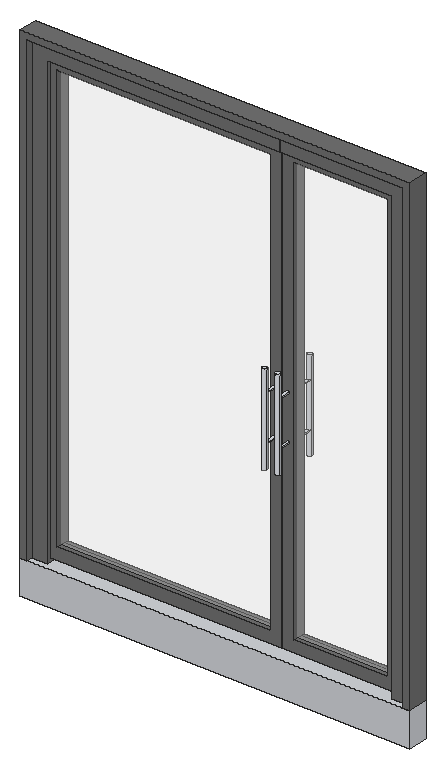
Revit family "AVLN_Дверь_Двупольная_аллюминиевая", category Двери, Revit 2021
Family settings
  Основа = Стена
  Номер OmniClass = 23.30.10.00
  Заголовок OmniClass = Doors
  Всегда вертикально = Да
  При загрузке вырезать с полостями = Нет
  Общий = Нет
  Точка принадлежности помещению = Нет
Parameters (values of type "1730х2100")
  Ширина полотна [instance] = Width - Монтажный зазор * 2 - Коробка толщина * 2 - 10 mm  # 1560 mm
  Ширина левого полотна = 600 mm
  Ширина правого полотна = Width - Ширина левого полотна  # 1130 mm
  ШПП = Ширина правого полотна + Монтажный зазор + Коробка толщина  # 1210 mm
  ШЛП = Ширина левого полотна + Монтажный зазор + Коробка толщина  # 680 mm
  Фрамуга_Справа = no
  Фрамуга_Слева = no
  Тонкая линия проема = yes
  Толщина = 85 mm  # constant formula
  Тип ручки = Дв_Дверная ручка : Ручка стационарная
  Смещение проема [instance] = 150 mm
  Смещение внутрь = 0 mm
  СП1 [instance] = if(Смещение проема = 0 mm, 10 mm, 0 mm)  # 0 mm
  Ручки_Справа = yes
  Ручки_Слева = yes
  Ручка смещение = 30 mm  # constant formula
  Ручка высота = 950 mm  # constant formula
  Рабочая зона = no
  Rough Width = Width - Монтажный зазор * 2  # 1670 mm
  Rough Height = Height - Монтажный зазор  # 2070 mm
  Порожек = no
  Порог_наружний_смещение [instance] = 0 mm
  Порог_внутренний_смещение [instance] = 0 mm
  Порог_внутренний [instance] = no
  Порог [instance] = no
  ПШПП = ШПП + Монтажный зазор + Коробка толщина  # 1290 mm
  ПШЛП = ШЛП + Монтажный зазор + Коробка толщина  # 760 mm
  Определить тепловые свойства по = Тип схем
  Окрывание 30° = yes
  Монтажный зазор = 30 mm
  Материал_Рама = AVLN_Материал импоста_RAL 7024
  Материал_Рабочая зона = AVLN_Материал импоста_RAL 7024
  Материал_Панель.Фрамуги_Справа = AVLN_Остекление окон и дверей
  Материал_Панель.Фрамуги_Слева = AVLN_Материал импоста_RAL 7024
  Материал_Панель.2_Справа = AVLN_Остекление окон и дверей
  Материал_Панель.2_Слева = AVLN_Остекление окон и дверей
  Материал_Панель.1_Справа = AVLN_Остекление окон и дверей
  Материал_Монтажный зазор = AVLN_Материал импоста_RAL 7024
  Материал_Панель.1_Слева = AVLN_Остекление окон и дверей
  Материал_Дверной ручки = ADSK_Металл_Окрашенный_Белый матовый
  Коробка.Доп.Ширина = 20 mm  # constant formula
  Коробка толщина = 50 mm
  Type Comments = ""
  КП = Коробка толщина + 5 mm  # 55 mm
  Заполнение под проемом_Видимость [instance] = if(Смещение проема = 0 mm, 1 = 0, 1 = 1)  # yes
  Функция = Внутренние слои
  Model = ""
  Горизонтальный импост_Справа = no
  Горизонтальный импост_Слева = no
  Высота фрамуги = 650 mm
  Высота порога = 40 mm
  Высота горизонтального импоста = 750 mm
  ВФ2 = if(ВФ = 40 mm, 0 mm, 30 mm)  # 0 mm
  ВФ = if(not(Фрамуга_Слева), 40 mm, Высота фрамуги + 70 mm)  # 40 mm
  ВП = if(not(Порожек), 0 mm, Высота порога)  # 0 mm
  Height = 2100 mm
  Замыкание стены = По основе
  Width = 1730 mm
  Аналитическая конструкция = "<Нет>"
  АВЛН_Проем_Ширина [instance] = Width  # 1730 mm
  АВЛН_Проем_Высота [instance] = Height + Смещение проема  # 2250 mm
  ADSK_Примечание [instance] = ""
  ADSK_Позиция [instance] = ""
  ADSK_Площадь [instance] = 0.00 m²
  ADSK_Обозначение = ""
  ADSK_Наименование = ""
  ADSK_Масса = 0
  ADSK_Марка [instance] = ""
  ADSK_Количество [instance] = 0
  ADSK_Единица измерения [instance] = ""
  СМ = Смещение внутрь + Толщина  # 85 mm
Types (3, lengths in mm): name | Ширина полотна | Ширина левого полотна | Ширина правого полотна | ШПП | ШЛП | Фрамуга_Справа | Фрамуга_Слева | Rough Width | Rough Height | Порожек | ПШПП | ПШЛП | Монтажный зазор | Материал_Рама | Материал_Рабочая зона | Материал_Панель.Фрамуги_Справа | Материал_Панель.Фрамуги_Слева | Материал_Панель.2_Справа | Материал_Панель.2_Слева | Материал_Панель.1_Справа | Материал_Монтажный зазор | Материал_Панель.1_Слева | Материал_Дверной ручки | Коробка толщина | Type Comments | КП | Model | Горизонтальный импост_Справа | Горизонтальный импост_Слева | ВФ2 | ВФ | ВП | Height | Width | АВЛН_Проем_Ширина | АВЛН_Проем_Высота | ADSK_Обозначение
  1730х2100 | 1560 | 600 | 1130 | 1210 | 680 | no | no | 1670 | 2070 | no | 1290 | 760 | 30 | AVLN_Материал импоста_RAL 7024 | AVLN_Материал импоста_RAL 7024 | AVLN_Остекление окон и дверей | AVLN_Материал импоста_RAL 7024 | AVLN_Остекление окон и дверей | AVLN_Остекление окон и дверей | AVLN_Остекление окон и дверей | AVLN_Материал импоста_RAL 7024 | AVLN_Остекление окон и дверей | ADSK_Металл_Окрашенный_Белый матовый | 50 | "" | 55 | "" | no | no | 0 | 40 | 0 | 2100 | 1730 | 1730 | 2250 | ""
  1400х2100 | 1150 | 500 | 900 | 1020 | 620 | no | no | 1300 | 2050 | no | 1140 | 740 | 50 | AVLN_Материал импоста_RAL 7024 | AVLN_Материал импоста_RAL 7024 | AVLN_Остекление окон и дверей | AVLN_Материал импоста_RAL 7024 | AVLN_Остекление окон и дверей | AVLN_Остекление окон и дверей | AVLN_Остекление окон и дверей | AVLN_Материал импоста_RAL 7024 | AVLN_Остекление окон и дверей | ADSK_Металл_Окрашенный_Белый матовый | 70 | "Двери наружные" | 75 | "Дверь" | no | no | 0 | 40 | 0 | 2100 | 1400 | 1400 | 2250 | "ГОСТ 23747-2015"
  Для копирования | 1300 | 1000 | 500 | 595 | 1095 | yes | yes | 1440 | 2470 | yes | 690 | 1190 | 30 | none | none | none | none | none | none | none | none | none | none | 65 | "" | 70 | "" | yes | yes | 30 | 720 | 40 | 2500 | 1500 | 1500 | 2650 | ""
Reference planes
  plane 1: y = 0
  plane 2 "По центру (Влево/Вправо)": x = 0
  plane 3 "Слева": x = -865
  plane 4 "Справа": x = 865
  plane 5: z = 2100
  plane 6 "Наружный": y = 150
  plane 7 "Внутренние": y = -150
  plane 8: z = -150
  plane 9: x = -835
  plane 10: x = 835
  plane 11: x = 785
  plane 12: x = -785
  plane 13: z = 2070
  plane 14: z = 2020
  plane 15 "Полотно_Н": y = 150
  plane 16 "Полотно_В": y = 65
  plane 17: z = -150
  plane 18: x = 235
  plane 19: x = 295
  plane 20: z = 950
  plane 21: z = 1015
  plane 22: z = 2000
  plane 23: y = 1280
  plane 24: z = 1050
  plane 25 "ОТКР_Г": y = 165
  plane 26: z = 2030
  plane 27: z = 2030
  plane 28: x = 795
  plane 29: x = -795
  plane 30: z = 0
  plane 31: z = 70
  plane 32 "ОТКР_Д": y = 100
  plane 33: x = -530.2
  plane 34: x = -765
  plane 35: x = 765
  plane 36: x = 530
  plane 37: x = 265
  plane 38: x = -265
  plane 39: x = 295
  plane 40: x = 235
  plane 41: y = 150
  plane 42: y = -150
Forms (mm)
  Extrusion 1, solid, visible <- "Заполнение под проемом_Видимость", detail levels fine
    sketch origin (0, 150, 0) x (1, 0, 0) y (0, 0, 1)
      loop
        line (865, 0) -> (-865, 0) -> (-865, -150) -> (865, -150) -> (865, 0)
    from 0 to 85
  Extrusion 2, solid, material "AVLN_Материал импоста_RAL 7024" <- "Материал_Монтажный зазор", detail levels fine
    sketch origin (0, -150, 0) x (1, 0, 0) y (0, 0, 1)
      loop
        line (-865, 0) -> (-835, 0) -> (-835, 2070) -> (835, 2070) -> (835, 0) -> (865, 0) -> (865, 2100) -> (-865, 2100) -> (-865, 0)
    from -300 to -215
  Extrusion 3, void
    sketch origin (0, 0, 0) x (1, 0, 0) y (0, 1, 0)
      loop
        line (-865, 1280) -> (-865, 150) -> (865, 150) -> (865, 1280) -> (-865, 1280)
    from 0 to 2100
Lines and regions (mm)
  Opening 1
    outline origin (-3050, -150, 0) x (1, 0, 0) y (0, 0, 1)
      loop
        line (2185, -150) -> (3915, -150) -> (3915, 2100) -> (2185, 2100) -> (2185, -150)
  Masking region 1, visible <- "Тонкая линия проема"
    outline origin (-80, -199.486, 0) x (1, 0, 0) y (0, 1, 0)
      loop
        line (-712.395, 374.486) -> (-785, 349.486) -> (-785, 49.486) -> (-785, 19.486) -> (945, 19.486) -> (945, 49.486) -> (945, 349.486) -> (875.199, 374.486) -> (-712.395, 374.486)
  model lines, style "Открывание_Внутрь"
    curve 1: line (765, 100, 2030) -> (265, 100, 1015)
    curve 2: line (265, 100, 1015) -> (765, 100, 70)
    curve 3: line (-765, 100, 70) -> (265, 100, 1015)
    curve 4: line (265, 100, 1015) -> (-765, 100, 2030)
  model lines, style "Открывание_Наружу"
    curve 5: line (-795, 165, 0) -> (265, 165, 1015)
    curve 6: line (265, 165, 1015) -> (-795, 165, 2030)
    curve 7: line (795, 165, 2030) -> (265, 165, 1015)
    curve 8: line (265, 165, 1015) -> (795, 165, 0)
  model lines, style "Рабочая зона", visible <- "Рабочая зона"
    curve 9: line (-865, 150, 0) -> (-750, 1280, 0)
    curve 10: line (-750, 1280, 0) -> (750, 1280, 0)
    curve 11: line (865, 150, 0) -> (750, 1280, 0)
  symbolic lines, style "Порог", visible <- "Порог"
    curve 12: line (-865, 150, 0) -> (865, 150, 0)
  symbolic lines, style "Порог", visible <- "Порог_внутренний"
    curve 13: line (-865, -150, 0) -> (865, -150, 0)
Text (mm)
  text "Наружный" at (-2295.016, 1099.543, 0), in view "Опорный уровень"
  text "Наружный" at (0, 1615.38, 3698.081), in view "Слева"
  text "Наружный" at (0, 1036.032, 3874.932), in view "Справа"
Dimensions and locks
  equal spacing: plane 3 "Слева", plane 2 "По центру (Влево/Вправо)", plane 4 "Справа"
  "Width": plane 3 "Слева" to plane 4 "Справа"
  host wall to plane 5 = 2564.966 mm  (x2)
  locked: plane 6 "Наружный" to host wall
  locked: plane 7 "Внутренние" to host wall
  plane 8 to level = 150 mm
  "Height": level to plane 5
  "Монтажный зазор": plane 3 "Слева" to plane 9
  "Монтажный зазор": plane 10 to plane 4 "Справа"
  "Смещение внутрь": plane 15 "Полотно_Н" to plane 6 "Наружный"
  "Толщина": plane 15 "Полотно_Н" to plane 16 "Полотно_В"
  level to plane 17 = 150 mm
  "Монтажный зазор": plane 13 to plane 5
  "Коробка толщина": plane 14 to plane 13
  "Коробка толщина": plane 12 to plane 9
  "Коробка толщина": plane 11 to plane 10
  "Смещение проема": level to plane 8
  "Ручка высота": level to plane 20
  "Ручка смещение": plane 18 to plane 37
  "Ручка смещение": plane 37 to plane 19
  equal spacing: level, plane 21, plane 26
  equal spacing: plane 7 "Внутренние", plane 1, plane 6 "Наружный"
  "Коробка.Доп.Ширина": plane 14 to plane 22
  "Ширина правого полотна": plane 23 to plane 15 "Полотно_Н"
  plane 15 "Полотно_Н" to plane 16 "Полотно_В" = 85 mm
  locked: plane 25 "ОТКР_Г" to plane 15 "Полотно_Н" at 15
  "ВФ": plane 13 to plane 26
  equal spacing: level, plane 24, plane 5
  "ВФ2": plane 26 to plane 27
  locked: plane 10 to plane 28 at 40
  locked: plane 9 to plane 29 at 40
  "ВП": level to plane 30
  locked: plane 31 to level at 70
  nested 7 to plane 6 "Наружный" = 60 mm
  "СП1": plane 17 to plane 8
  "Коробка толщина": plane 15 "Полотно_Н" to plane 32 "ОТКР_Д"
  locked: plane 9 to plane 34 at 70
  locked: plane 10 to plane 35 at 70
  equal spacing: plane 37, plane 36, plane 28
  "Ширина левого полотна": plane 37 to plane 4 "Справа"
  equal spacing: plane 37, plane 38, plane 29
  locked: plane 39 to plane 37 at 30
  locked: plane 37 to plane 40 at 30
  "Порог_наружний_смещение": plane 6 "Наружный" to plane 41
  "Порог_внутренний_смещение": plane 42 to plane 7 "Внутренние"
  aligned and locked: plane 3 "Слева" to Opening 1 sketch curve
  aligned and locked: Opening 1 sketch curve to plane 4 "Справа"
  aligned and locked: plane 1 to host wall
  aligned and locked: plane 8 to Opening 1 sketch curve
  aligned and locked: level to Extrusion 1 sketch curve
  aligned and locked: Extrusion 1 sketch curve to plane 4 "Справа"
  aligned and locked: Extrusion 1 sketch curve to host wall
  aligned and locked: Extrusion 1 to plane 16 "Полотно_В"
  aligned and locked: Extrusion 1 to plane 15 "Полотно_Н"
  aligned and locked: Extrusion 1 sketch curve to plane 17
  aligned and locked: plane 5 to Opening 1 sketch curve
  aligned and locked: Extrusion 2 sketch curve to plane 4 "Справа"
  aligned and locked: Extrusion 2 sketch curve to plane 10
  aligned and locked: Extrusion 2 sketch curve to plane 5
  aligned and locked: Extrusion 2 sketch curve to plane 13
  aligned and locked: plane 3 "Слева" to Extrusion 2 sketch curve
  aligned and locked: plane 9 to Extrusion 2 sketch curve
  aligned and locked: Extrusion 2 sketch curve to level  (x2)
  aligned and locked: plane 19 to nested 4
  aligned and locked: plane 18 to nested 2
  aligned and locked: nested 3 to plane 19
  aligned and locked: nested 5 to plane 4 "Справа"
  aligned and locked: nested 5 to plane 15 "Полотно_Н"
  aligned and locked: nested 6 to plane 3 "Слева"
  aligned and locked: plane 15 "Полотно_Н" to nested 6
  aligned and locked: Extrusion 2 to plane 15 "Полотно_Н"
  aligned and locked: curve 10 to plane 23
  aligned and locked: plane 15 "Полотно_Н" to curve 9
  aligned and locked: curve 11 to plane 15 "Полотно_Н"
  aligned and locked: Extrusion 3 sketch curve to plane 23
  aligned and locked: Extrusion 3 sketch curve to plane 3 "Слева"
  aligned and locked: Extrusion 3 sketch curve to plane 15 "Полотно_Н"
  aligned and locked: Extrusion 3 sketch curve to plane 4 "Справа"
  aligned and locked: Extrusion 3 to plane 5
  aligned and locked: Extrusion 2 to plane 16 "Полотно_В"
  aligned and locked: plane 26 to curve 1
  aligned and locked: plane 27 to curve 7
  aligned and locked: plane 29 to curve 6
  aligned and locked: curve 6 to plane 27
  aligned and locked: plane 28 to curve 8
  aligned and locked: plane 30 to curve 8
  aligned and locked: plane 29 to curve 5
  aligned and locked: curve 5 to plane 30
  aligned and locked: plane 31 to curve 3
  aligned and locked: curve 2 to plane 31
  aligned and locked: plane 21 to curve 8
  aligned and locked: nested 1 to plane 32 "ОТКР_Д"
  aligned and locked: plane 32 "ОТКР_Д" to nested 3
  aligned and locked: nested 2 to plane 25 "ОТКР_Г"
  aligned and locked: plane 25 "ОТКР_Г" to nested 4
  aligned and locked: nested 1 to plane 18
  aligned and locked: plane 34 to curve 4
  aligned and locked: plane 35 to curve 1
  aligned and locked: plane 37 to curve 6
  aligned and locked: plane 34 to curve 3
  aligned and locked: plane 21 to curve 4
  aligned and locked: nested 8 to plane 15 "Полотно_Н"
  aligned and locked: plane 4 "Справа" to curve 12
  aligned and locked: plane 3 "Слева" to curve 12
  aligned and locked: curve 12 to plane 41
  aligned and locked: curve 13 to plane 42
  aligned and locked: plane 3 "Слева" to Masking region 1
  aligned and locked: Masking region 1 to plane 4 "Справа"
  aligned and locked: host wall to Masking region 1 sketch curve  (x4)
  aligned and locked: nested 7 to Extrusion 2
  aligned and locked: nested 8 to Extrusion 2
  aligned and locked: curve 5 to plane 25 "ОТКР_Г"
  aligned and locked: nested 7 to plane 41
Automatic sketch dimensions
  curve 2 to plane 37 = 0 mm
  curve 4 to plane 26 = 0 mm
  curve 2 to plane 35 = 0 mm
  curve 13 to plane 3 "Слева" = 0 mm
  curve 13 to plane 4 "Справа" = 0 mm
  Masking region 1 sketch curve to plane 3 "Слева" = 0 mm
  Masking region 1 sketch curve to plane 4 "Справа" = 0 mm
  Masking region 1 sketch curve to plane 29 = 2.605 mm
  plane 28 to Masking region 1 sketch curve = 0.199 mm
  host wall to Masking region 1 sketch curve = 30 mm
  host wall to Masking region 1 sketch curve = 25 mm
  curve 10 to plane 34 = 15 mm
  curve 11 to plane 35 = 15 mm
  curve 6 to plane 21 = 0 mm
  nested 7 to curve 7 = 0 mm
  nested 7 to curve 7 = 10 mm
Nested families
  nested 1: "Дв_Дверная ручка" at (235, 100, -90), visible <- "Ручки_Справа", type <- "Тип ручки", type "Ручка стационарная", detail levels fine
    with Высота расположения дверной ручки 1040 mm
  nested 2: "Дв_Дверная ручка" at (235, 165, -90), visible <- "Ручки_Справа", type <- "Тип ручки", type "Ручка стационарная", detail levels fine
    with Высота расположения дверной ручки 1040 mm
  nested 3: "Дв_Дверная ручка" at (295, 100, -90) x (-1, 0, 0) z (0, 0, 1), visible <- "Ручки_Слева", type <- "Тип ручки", type "Ручка стационарная", detail levels fine
    with Высота расположения дверной ручки 1040 mm
  nested 4: "Дв_Дверная ручка" at (295, 165, -90) x (-1, 0, 0) z (0, 0, 1), visible <- "Ручки_Слева", type <- "Тип ручки", type "Ручка стационарная", detail levels fine
    with Высота расположения дверной ручки 1040 mm
  nested 5: "АС-Двупольная-Обозначение на плане" at (605, 150, -150), Width <- "ШЛП", Height <- "Rough Height", Полотно.Ширина <- "Ширина левого полотна", Rough Width <- "ПШЛП", Коробка.Ширина <- "Коробка.Доп.Ширина", Коробка.Толщина <- "Толщина", Толщина <- "Коробка толщина", МЗ <- "Монтажный зазор", КП <- "КП", type "АС-Стандарт"
    with Width 680 mm, Толщина 50 mm, Rough Width 760 mm, Полотно.Ширина 600 mm, МЗ 30 mm, Коробка.Ширина 20 mm, Коробка.Толщина 85 mm, КП 55 mm, Height 2070 mm
  nested 6: "АС-Двупольная-Обозначение на плане" at (-75, 150, -150) x (-1, 0, 0) z (0, 0, 1), Width <- "ШПП", Height <- "Rough Height", Полотно.Ширина <- "Ширина правого полотна", Rough Width <- "ПШПП", Коробка.Ширина <- "Коробка.Доп.Ширина", Коробка.Толщина <- "Толщина", Толщина <- "Коробка толщина", МЗ <- "Монтажный зазор", КП <- "КП", type "АС-Стандарт"
    with Width 1210 mm, Толщина 50 mm, Rough Width 1290 mm, Полотно.Ширина 1130 mm, МЗ 30 mm, Коробка.Ширина 20 mm, Коробка.Толщина 85 mm, КП 55 mm, Height 2070 mm
  nested 7: "Алюминий ДП" at (430, 90, 0) x (-1, 0, 0) z (0, 0, 1), Width <- "Ширина левого полотна", Фрамуга <- "Фрамуга_Слева", М.Панель.1 <- "Материал_Панель.1_Слева", М.Панель.2 <- "Материал_Панель.2_Слева", М.Панель.Фрамуги <- "Материал_Панель.Фрамуги_Слева", М.Рама <- "Материал_Рама", Горизонтальный импост <- "Горизонтальный импост_Слева", Порог <- "Порожек", type "Алюминий ДП", detail levels medium+fine
    with Width 600 mm, Фрамуга no, Порог no, М.Рама AVLN_Материал импоста_RAL 7024, М.Панель.Фрамуги AVLN_Материал импоста_RAL 7024, М.Панель.2 AVLN_Остекление окон и дверей, М.Панель.1 AVLN_Остекление окон и дверей, Горизонтальный импост no, ГИ no, ВФ2 0 mm, ВФ 250 mm, ВП2 0 mm, БГИ yes
  nested 8: "Алюминий ДП" at (-430, 90, 0), Width <- "Ширина правого полотна", Фрамуга <- "Фрамуга_Справа", М.Панель.1 <- "Материал_Панель.1_Справа", М.Панель.2 <- "Материал_Панель.2_Справа", М.Панель.Фрамуги <- "Материал_Панель.Фрамуги_Справа", М.Рама <- "Материал_Рама", Горизонтальный импост <- "Горизонтальный импост_Справа", Порог <- "Порожек", type "Алюминий ДП", detail levels medium+fine
    with Width 1130 mm, Фрамуга no, Порог no, М.Рама AVLN_Материал импоста_RAL 7024, М.Панель.Фрамуги AVLN_Остекление окон и дверей, М.Панель.2 AVLN_Остекление окон и дверей, М.Панель.1 AVLN_Остекление окон и дверей, Горизонтальный импост no, ГИ no, ВФ2 0 mm, ВФ 250 mm, ВП2 0 mm, БГИ yes
Definition of nested family "Дв_Дверная ручка"
  Parameters (values of type "Ручка нажимная")
    Ручка стационарная = no
    Ручка нажимная = yes
    Define Thermal Properties by = 1
    Материал дверной ручки = none
    Высота расположения дверной ручки [instance] = 1040 mm
    Analytic Construction = "<Нет>"
    b = 25 mm
    a = 75 mm
  Types (3, lengths in mm): name | Ручка стационарная | Ручка нажимная | Высота расположения дверной ручки | a
    (no name) | no | yes | 1040 | 75
    Ручка нажимная | no | yes | 1040 | 75
    Ручка стационарная | yes | no | 1040.051 | 74.898
  Reference planes
    plane 1 "По центру (Вперед/Назад)": y = 0
    plane 2: z = 0
    plane 3 "По центру (Влево/Вправо)": x = 0
    plane 4: z = 1040
    plane 5: x = -12.5
    plane 6: x = 12.5
    plane 7: z = 1077.5
    plane 8: z = 1002.5
    plane 9: y = -15
    plane 10: y = -55
    plane 11: z = 1240.102
    plane 12: z = 840
  Forms (mm)
    Extrusion 1, solid, material <- "Материал дверной ручки", visible <- "Ручка нажимная"
      sketch origin (0, 0, 0) x (1, 0, 0) y (0, 0, 1)
        loop
          arc (-2.5, 1077.5) -> (-9.571, 1074.571) -> (-12.5, 1067.5) r 10
          line (-12.5, 1067.5) -> (-12.5, 1012.5)
          arc (-12.5, 1012.5) -> (-9.571, 1005.429) -> (-2.5, 1002.5) r 10
          line (-2.5, 1002.5) -> (2.5, 1002.5)
          arc (2.5, 1002.5) -> (9.571, 1005.429) -> (12.5, 1012.5) r 10
          line (12.5, 1012.5) -> (12.5, 1067.5)
          arc (12.5, 1067.5) -> (9.571, 1074.571) -> (2.5, 1077.5) r 10
          line (2.5, 1077.5) -> (-2.5, 1077.5)
      from 0 to 15
    Sweep 2, solid, material <- "Материал дверной ручки", visible <- "Ручка нажимная"
      path origin (0, 0, 2080) x (0, 1, 0) y (-1, 0, 0)
        loop
          line (-15, 0) -> (-38.261, 0)
          arc (-38.261, 0) -> (-45.332, 2.929) -> (-48.261, 10) r 10
          line (-48.261, 10) -> (-48.261, 130)
      profile origin (0, -26.63, 2080) x (1, 0, 0) y (0, 0, 1)
        loop
          circle (0, -1040) r 8
    Extrusion 3, solid, material <- "Материал дверной ручки", visible <- "Ручка стационарная"
      sketch origin (0, 0, 0) x (1, 0, 0) y (0, 0, 1)
        loop
          circle (0, 1140.126) r 5
      from 0 to 55
    Extrusion 4, solid, material <- "Материал дверной ручки", visible <- "Ручка стационарная"
      sketch origin (0, 0, -200.126) x (1, 0, 0) y (0, 0, 1)
        loop
          circle (0, 1140.126) r 5
      from 0 to 55
    Extrusion 5, solid, material <- "Материал дверной ручки", visible <- "Ручка стационарная"
      sketch origin (0, 112.733, 0) x (1, 0, 0) y (0, 1, 0)
        loop
          circle (0, -167.733) r 10
      from 840 to 1240.102
  Dimensions and locks
    "Высота расположения дверной ручки": plane 4 to level
    "a": plane 7 to plane 8
    "b": plane 6 to plane 5
    equal spacing: plane 6, plane 3 "По центру (Влево/Вправо)", plane 5
    locked: plane 1 "По центру (Вперед/Назад)" to plane 9 at 15
    equal spacing: plane 7, plane 4, plane 8
    Extrusion 4 to plane 4 to Extrusion 3 = 100 mm, 100.126 mm
    plane 11 to plane 12 = 400.102 mm
    aligned and locked: level to plane 2
    aligned and locked: Extrusion 1 sketch curve to plane 7
    aligned and locked: plane 5 to Extrusion 1 sketch curve
    aligned and locked: plane 8 to Extrusion 1 sketch curve
    aligned and locked: Extrusion 1 sketch curve to plane 6
    aligned and locked: Extrusion 1 to plane 1 "По центру (Вперед/Назад)"
    aligned and locked: plane 4 to Sweep 2
    aligned and locked: plane 10 to Extrusion 3
    aligned and locked: Extrusion 4 to Extrusion 3
    aligned and locked: Extrusion 3 to plane 1 "По центру (Вперед/Назад)"
    aligned and locked: Extrusion 4 to plane 1 "По центру (Вперед/Назад)"
    aligned and locked: plane 10 to Extrusion 5
    aligned and locked: plane 11 to Extrusion 5
    aligned and locked: Extrusion 5 to plane 12
  Automatic sketch dimensions
    Extrusion 5 sketch curve to plane 3 "По центру (Влево/Вправо)" = 0 mm
    plane 10 to Extrusion 5 sketch curve = 0 mm
    Sweep 2 sketch curve to plane 3 "По центру (Влево/Вправо)" = 0 mm
    plane 9 to Sweep 2 sketch curve = 0 mm
    Sweep 2 sketch curve to plane 10 = 16.739 mm
    Sweep 2 sketch curve to plane 10 = 6.739 mm
    Sweep 2 sketch curve to Sweep 2 sketch curve = 120 mm
    profile plane to Sweep 2 sketch curve = 0 mm
    Sweep 2 sketch curve to profile plane = 1040 mm
    Extrusion 3 sketch curve to plane 3 "По центру (Влево/Вправо)" = 0 mm
    Extrusion 3 sketch curve to plane 11 = 99.976 mm
    Extrusion 4 sketch curve to plane 3 "По центру (Влево/Вправо)" = 0 mm
    Extrusion 4 sketch curve to plane 4 = 100 mm
    Extrusion 1 sketch curve to plane 3 "По центру (Влево/Вправо)" = 2.5 mm  (x2)
    plane 3 "По центру (Влево/Вправо)" to Extrusion 1 sketch curve = 2.5 mm  (x2)
    radius of Extrusion 5 sketch curve = 10 mm
    radius of Sweep 2 sketch curve = 8 mm
    radius of Extrusion 3 sketch curve = 5 mm
    radius of Extrusion 4 sketch curve = 5 mm
Definition of nested family "Алюминий ДП"
  Parameters (values of type "Алюминий ДП")
    Width [instance] = 800 mm
    Фрамуга [instance] = yes
    Толщина коробки = 50 mm
    Порог [instance] = yes
    Define Thermal Properties by = 1
    МЗЗ = 30 mm
    М.Панель.Фрамуги [instance] = none
    М.Панель.2 [instance] = none
    М.Панель.1 [instance] = none
    Горизонтальный импост [instance] = yes
    Высота порога = 40 mm
    Height = 2100 mm
    ВФ2 [instance] = if(not(Фрамуга), 0 mm, Высота фрамуги)  # 650 mm
    ВФ [instance] = if(ВФ2 = 0 mm, 250 mm, ВФ2 - 40 mm)  # 610 mm
    Высота фрамуги = 650 mm
    ВП2 [instance] = if(Порог, Высота порога, 0 mm)  # 40 mm
    ВП1 = 20 mm + Высота порога  # 60 mm
    БГИ [instance] = not(Горизонтальный импост)  # no
    М.Рама [instance] = none
    ГИ [instance] = Горизонтальный импост  # yes
    Высота ГИ = 750 mm
    Analytic Construction = "<Нет>"
  Reference planes
    plane 1 "По центру (Вперед/Назад)": y = 0
    plane 2: z = 0
    plane 3 "По центру (Влево/Вправо)": x = 0
    plane 4: x = -405
    plane 5: x = 405
    plane 6: z = 2070
    plane 7: y = -60
    plane 8: x = -355
    plane 9: z = 2020
    plane 10: z = 1035
    plane 11: z = 50
    plane 12: y = -35
    plane 13: y = -55
    plane 14: z = 750
    plane 15: z = 760
    plane 16: z = 740
    plane 17: z = 1370
    plane 18: z = 1410
    plane 19: z = 2020
    plane 20 "222": z = 1390
    plane 21: x = -335
    plane 22: z = 2100
    plane 23: x = -435
    plane 24: x = 435
    plane 25: z = 40
    plane 26: z = 60
    plane 27: x = 365
    plane 28: x = -305
    plane 29: x = 315
    plane 30: z = 110
    plane 31: z = 1460
    plane 32: z = 1970
    plane 33: z = 1320
  Forms (mm)
    Sweep 1, solid, material <- "М.Рама", detail levels fine
      path origin (0, 0, 0) x (1, 0, 0) y (0, 0, 1)
        loop
          line (-405, 0) -> (-405, 2070) -> (365, 2070)
      profile "Профиль 1 : Профиль 1" origin (-405, 0, 1035) x (-1, 0, 0) y (0, -1, 0)
        loop
          line (-70, 0) -> (0, 0) -> (0, 60) -> (-50, 60) -> (-50, 15) -> (-70, 15) -> (-70, 0)
    Extrusion 2, solid, material <- "М.Панель.1", visible <- "БГИ", detail levels fine
      sketch origin (0, 0, 0) x (1, 0, 0) y (0, 0, 1)
        loop
          line (-305, 1320) -> (-305, 110) -> (315, 110) -> (315, 1320) -> (-305, 1320)
      from 35 to 55
    Sweep 3, solid, material <- "М.Рама", visible <- "ГИ", detail levels fine
      path origin (0, 0, 0) x (1, 0, 0) y (0, 0, 1)
        loop
          line (-305, 750) -> (315, 750)
      profile "Профиль 3 : Профиль 3" origin (5, 0, 750) x (0, 0, 1) y (0, -1, 0)
        loop
          line (-40, 15) -> (40, 15) -> (40, 35) -> (10, 35) -> (10, 55) -> (40, 55) -> (40, 75) -> (-40, 75) -> (-40, 55) -> (-10, 55) -> (-10, 35) -> (-40, 35) -> (-40, 15)
    Extrusion 4, solid, material <- "М.Панель.1", visible <- "ГИ", detail levels fine
      sketch origin (0, 0, 0) x (1, 0, 0) y (0, 0, 1)
        loop
          line (-305, 1320) -> (-305, 760) -> (315, 760) -> (315, 1320) -> (-305, 1320)
      from 35 to 55
    Extrusion 5, solid, material <- "М.Панель.2", visible <- "ГИ", detail levels fine
      sketch origin (0, 0, 0) x (1, 0, 0) y (0, 0, 1)
        loop
          line (-305, 740) -> (-305, 110) -> (315, 110) -> (315, 740) -> (-305, 740)
      from 35 to 55
    Extrusion 6, solid, material <- "М.Панель.Фрамуги", visible <- "Фрамуга", detail levels fine
      sketch origin (0, 0, 0) x (1, 0, 0) y (0, 0, 1)
        loop
          line (-305, 1970) -> (-305, 1460) -> (315, 1460) -> (315, 1970) -> (-305, 1970)
      from 35 to 55
    Sweep 7, solid, material <- "М.Рама", visible <- "Порог", detail levels fine
      path origin (0, 0, 0) x (1, 0, 0) y (0, 0, 1)
        loop
          line (-335, 0) -> (365, 0)
      profile "Профиль 5 : Профиль 5" origin (15, 0, 0) x (0, 0, 1) y (0, -1, 0)
        loop
          line (0, 60) -> (0, -5) -> (10, -5) -> (22.5, 40) -> (60, 40) -> (60, 60) -> (0, 60)
    Extrusion 8, solid, material <- "М.Рама", detail levels fine
      sketch origin (0, 0, 0) x (1, 0, 0) y (0, 1, 0)
        loop
          line (-355, -15) -> (-355, -60) -> (-335, -60) -> (-335, -15) -> (-355, -15)
      from 0 to 60
    Sweep 9, solid, material <- "М.Рама", visible <- "Фрамуга", detail levels fine
      path origin (225.411, 0, 1390) x (0, 1, 0) y (-1, 0, 0)
        loop
          line (0, -139.589) -> (0, 560.411)
      profile "Профиль 4 : Профиль 4" origin (15, 0, 1390) x (0, -1, 0) y (0, 0, 1)
        loop
          line (0, 40) -> (0, -40) -> (15, -40) -> (15, -15) -> (60, -15) -> (60, 15) -> (15, 15) -> (15, 40) -> (0, 40)
    Extrusion 10, solid, material <- "М.Рама"
      sketch origin (0, 0, 0) x (1, 0, 0) y (0, 0, 1)
        loop
          line (-355, 1370) -> (-355, 60) -> (365, 60) -> (365, 1370) -> (-355, 1370)
        loop
          line (315, 110) -> (315, 1320) -> (-305, 1320) -> (-305, 110) -> (315, 110)
      from 15 to 75
    Extrusion 11, solid, material <- "М.Рама"
      sketch origin (0, 0, 0) x (1, 0, 0) y (0, 0, 1)
        loop
          line (-355, 2020) -> (-355, 1410) -> (365, 1410) -> (365, 2020) -> (-355, 2020)
        loop
          line (-305, 1970) -> (-305, 1460) -> (315, 1460) -> (315, 1970) -> (-305, 1970)
      from 15 to 75
  Cuts and joins
    joined: Sweep 1, Extrusion 8
  Dimensions and locks
    equal spacing: plane 4, plane 3 "По центру (Влево/Вправо)", plane 5
    "Width": plane 27 to plane 23
    "Height": plane 22 to level
    locked: plane 1 "По центру (Вперед/Назад)" to plane 7 at 60
    locked: plane 4 to plane 8 at 50
    equal spacing: plane 6, plane 10, level
    locked: plane 6 to plane 9 at 50
    "ВП2": plane 2 to plane 25
    locked: plane 12 to plane 13 at 20
    locked: plane 1 "По центру (Вперед/Назад)" to plane 12 at 35
    "Высота ГИ": plane 14 to level
    plane 15 to plane 14 to plane 16 = 10 mm locked, 10 mm locked
    plane 19 to plane 18 = 610 mm
    locked: plane 18 to plane 17 at 40
    "ВФ": plane 19 to plane 18
    equal spacing: plane 18, plane 20 "222", plane 17
    locked: plane 21 to plane 8 at 20
    "ВФ2": plane 9 to plane 17
    "МЗЗ": plane 22 to plane 6
    "МЗЗ": plane 4 to plane 23
    "МЗЗ": plane 5 to plane 24
    locked: plane 7 to plane 1 "По центру (Вперед/Назад)" at 60
    locked: plane 11 to plane 25 at 10
    locked: plane 11 to plane 26 at 10
    "Толщина коробки": plane 28 to plane 8
    "Толщина коробки": plane 17 to plane 33
    "Толщина коробки": plane 30 to plane 26
    "Толщина коробки": plane 31 to plane 18
    "Толщина коробки": plane 9 to plane 32
    "Толщина коробки": plane 29 to plane 27
    aligned and locked: level to plane 2
    aligned and locked: Sweep 1 sketch curve to plane 6
    aligned and locked: plane 4 to Sweep 1 sketch curve
    aligned and locked: plane 12 to Extrusion 2
    aligned and locked: Extrusion 2 to plane 13
    aligned and locked: Sweep 3 sketch curve to plane 14
    aligned and locked: Extrusion 4 sketch curve to plane 15
    aligned and locked: plane 16 to Extrusion 5 sketch curve
    aligned and locked: Extrusion 4 to plane 13
    aligned and locked: plane 12 to Extrusion 4
    aligned and locked: Extrusion 5 to plane 13
    aligned and locked: plane 12 to Extrusion 5
    aligned and locked: Sweep 7 sketch curve to level
    aligned and locked: plane 21 to Sweep 7 sketch curve
    aligned and locked: Extrusion 8 sketch curve to Sweep 1  (x2)
    aligned and locked: Extrusion 8 sketch curve to Sweep 7
    aligned and locked: Extrusion 8 to plane 26
    aligned and locked: plane 27 to Sweep 1 sketch curve
    aligned and locked: plane 27 to Sweep 7 sketch curve
    aligned and locked: Sweep 9 sketch curve to plane 1 "По центру (Вперед/Назад)"
    aligned and locked: plane 30 to Extrusion 5  (x3)
    aligned and locked: plane 33 to Extrusion 4
    aligned and locked: plane 33 to Extrusion 2
    aligned and locked: Extrusion 5 to plane 29  (x2)
    aligned and locked: Extrusion 2 to plane 29
    aligned and locked: Extrusion 4 to plane 29  (x2)
    aligned and locked: plane 28 to Sweep 3 sketch curve
    aligned and locked: plane 29 to Sweep 3 sketch curve
    aligned and locked: Extrusion 6 to plane 29
    aligned and locked: Extrusion 6 to plane 31
    aligned and locked: Extrusion 6 to plane 28
    aligned and locked: plane 32 to Extrusion 6
    aligned and locked: plane 31 to Extrusion 11
    aligned and locked: plane 28 to Extrusion 11
    aligned and locked: Extrusion 11 to plane 32
    aligned and locked: Extrusion 11 to plane 8
    aligned and locked: plane 19 to Extrusion 11
    aligned and locked: Extrusion 11 to plane 18
    aligned and locked: Extrusion 11 to Extrusion 10  (x2)
    aligned and locked: Extrusion 11 to plane 27  (x3)
    aligned and locked: plane 27 to Sweep 9 sketch curve
    aligned and locked: cut or joined group of Sweep 1, Extrusion 8 to Sweep 9 sketch curve
    aligned and locked: Extrusion 10 to plane 27  (x2)
    aligned and locked: plane 29 to Extrusion 10  (x3)
    aligned and locked: Extrusion 10 to plane 33
    aligned and locked: Extrusion 2 to plane 28
    aligned and locked: Extrusion 5 to plane 28
    aligned and locked: Extrusion 4 to plane 28
    aligned and locked: plane 29 to Extrusion 11
    aligned and locked: plane 28 to Extrusion 10
    aligned and locked: plane 30 to Extrusion 2
    aligned and locked: Extrusion 10 to plane 30
  Automatic sketch dimensions
    Sweep 1 sketch curve to level = 0 mm
    plane 7 to Extrusion 8 sketch curve = 0 mm
    Extrusion 10 sketch curve to plane 21 = 20 mm
    Extrusion 10 sketch curve to plane 26 = 0 mm
    plane 21 to Extrusion 2 sketch curve = 30 mm
    plane 21 to Extrusion 4 sketch curve = 30 mm
    plane 21 to Extrusion 5 sketch curve = 30 mm
    plane 21 to Extrusion 6 sketch curve = 30 mm
    Extrusion 10 sketch curve to Extrusion 10 sketch curve = 50 mm  (x3)
    Extrusion 2 sketch curve to plane 26 = 50 mm
    Extrusion 5 sketch curve to plane 26 = 50 mm
    Extrusion 2 sketch curve to plane 17 = 50 mm
    Extrusion 4 sketch curve to plane 17 = 50 mm
    Extrusion 10 sketch curve to plane 17 = 50 mm
    Extrusion 10 sketch curve to plane 17 = 0 mm
    plane 18 to Extrusion 6 sketch curve = 50 mm
    Extrusion 6 sketch curve to plane 9 = 50 mm
    Extrusion 11 sketch curve to plane 21 = 20 mm
    plane 28 to Extrusion 11 sketch curve = 0 mm
    plane 29 to Extrusion 11 sketch curve = 0 mm
    plane 5 to Extrusion 11 sketch curve = 40 mm
    Extrusion 11 sketch curve to plane 31 = 50 mm
    Extrusion 11 sketch curve to plane 31 = 0 mm
    plane 32 to Extrusion 11 sketch curve = 0 mm
    Extrusion 11 sketch curve to plane 9 = 0 mm
    plane 29 to Extrusion 2 sketch curve = 0 mm
    plane 29 to Extrusion 4 sketch curve = 0 mm
    plane 29 to Extrusion 5 sketch curve = 0 mm
    plane 29 to Extrusion 6 sketch curve = 0 mm
    plane 29 to Extrusion 10 sketch curve = 0 mm
    plane 1 "По центру (Вперед/Назад)" to Sweep 9 sketch curve = 0 mm
Definition of nested family "АС-Двупольная-Обозначение на плане"
  Parameters (values of type "АС-Стандарт")
    Полотно.Ширина [instance] = 900 mm
    Открывание двери 90 = not(Открывание двери 30)  # no
    Открывание двери 30 = yes
    МЗ [instance] = 20 mm
    Линия открывания (дуга) = not(Открывание двери 30)  # no
    Коробка.Ширина [instance] = 40 mm
    Коробка.Толщина [instance] = 80 mm
    Width [instance] = 1000 mm
    Thickness [instance] = 40 mm
    Rough Width [instance] = 960 mm
    КП [instance] = 30 mm
    Height [instance] = 2100 mm
    Default Elevation = 0 mm
    Analytic Construction = "<Нет>"
  Reference planes
    plane 1 "Center (Front/Back)": y = 0
    plane 2: z = 0
    plane 3 "Center (Left/Right)": x = 0
    plane 4 "Полотно.Слева": x = -480
    plane 5 "Полотно справа": x = 480
    plane 6 "Проем.Слева": x = -500
    plane 7 "Проем.Справа": x = 500
    plane 8 "Полотно. Внутренняя сторона": y = -40
    plane 9 "Коробка. Внутренняя сторона": y = -80
    plane 10 "Коробка.Внутренняя сторона слева": x = -450
    plane 11 "Коробка. Внутренняя сторона справа": x = 450
    plane 12 "2": x = -410
    plane 13 "3": x = 410
  Lines and regions (mm)
    Masking region 1, detail levels fine
      outline origin (0, 0, 0) x (1, 0, 0) y (0, 1, 0)
        loop
          line (500, -80) -> (500, 0) -> (480, 0) -> (480, -80) -> (500, -80)
    Masking region 2, detail levels fine
      outline origin (0, 0, 0) x (1, 0, 0) y (0, 1, 0)
        loop
          line (480, 0) -> (450, 0) -> (450, -40) -> (410, -40) -> (410, -80) -> (480, -80) -> (480, 0)
    Masking region 3, visible <- "Открывание двери 90", detail levels fine
      outline origin (0, 0, 0) x (1, 0, 0) y (0, 1, 0)
        loop
          line (450, 0) -> (450, 900) -> (410, 900) -> (410, 0) -> (450, 0)
    Masking region 4, visible <- "Открывание двери 30", detail levels fine
      outline origin (0, 0, 0) x (1, 0, 0) y (0, 1, 0)
        loop
          line (450, 0) -> (-329.423, 450) -> (-349.423, 415.359) -> (430, -34.641) -> (450, 0)
    symbolic lines, visible <- "Открывание двери 30", detail levels coarse+medium
      curve 1: line (500, 0, 0) -> (-366.025, 500, 0)
    symbolic lines, visible <- "Открывание двери 90", detail levels coarse+medium
      curve 2: line (500, 0, 0) -> (500, 1000, 0)
    symbolic lines, visible <- "Линия открывания (дуга)", detail levels coarse+medium
      curve 3: arc (500, 1000, 0) -> (-207.107, 707.107, 0) -> (-500, 0, 0) r 1000
    symbolic lines, visible <- "Линия открывания (дуга)", detail levels fine
      curve 4: arc (-450, 0, 0) -> (-186.396, 636.396, 0) -> (450, 900, 0) r 900
    model lines, not visible
      curve 5: line (0, 0, 0) -> (0, 0, 2100)
  Dimensions and locks
    "Thickness": plane 1 "Center (Front/Back)" to plane 8 "Полотно. Внутренняя сторона"  (x2)
    plane 1 "Center (Front/Back)" to plane 9 "Коробка. Внутренняя сторона" = 80 mm
    "Коробка.Толщина": plane 9 "Коробка. Внутренняя сторона" to plane 1 "Center (Front/Back)"
    "Полотно.Ширина": plane 10 "Коробка.Внутренняя сторона слева" to plane 11 "Коробка. Внутренняя сторона справа"
    "Width": curve 1 to curve 1
    "Width": plane 1 "Center (Front/Back)" to curve 2
    "Коробка.Ширина": Masking region 2 sketch curve to Masking region 2 sketch curve
    "Полотно.Ширина": plane 1 "Center (Front/Back)" to Masking region 3 sketch curve
    "Thickness": Masking region 3 sketch curve to plane 11 "Коробка. Внутренняя сторона справа"
    "Полотно.Ширина": Masking region 4 sketch curve to Masking region 4 sketch curve
    "Thickness": Masking region 4 sketch curve to Masking region 4 sketch curve
    "Height": curve 5 to level
    "Thickness": Masking region 3 to plane 11 "Коробка. Внутренняя сторона справа"
    "Thickness": Masking region 4 to Masking region 4
    "Коробка.Ширина": plane 10 "Коробка.Внутренняя сторона слева" to plane 12 "2"
    "Коробка.Ширина": plane 13 "3" to plane 11 "Коробка. Внутренняя сторона справа"
    "КП": plane 11 "Коробка. Внутренняя сторона справа" to plane 5 "Полотно справа"
    "КП": plane 4 "Полотно.Слева" to plane 10 "Коробка.Внутренняя сторона слева"
    "МЗ": plane 5 "Полотно справа" to plane 7 "Проем.Справа"
    "МЗ": plane 6 "Проем.Слева" to plane 4 "Полотно.Слева"
    "Width": radius of curve 3
    "Полотно.Ширина": radius of curve 4
    locked: curve 1 to plane 1 "Center (Front/Back)" (angle 30.00°)
    locked: Masking region 4 sketch curve to plane 1 "Center (Front/Back)" (angle 30.00°)
    aligned and locked: level to plane 2
    aligned and locked: plane 7 "Проем.Справа" to curve 2
    aligned and locked: plane 1 "Center (Front/Back)" to curve 2
    aligned and locked: plane 9 "Коробка. Внутренняя сторона" to Masking region 1 sketch curve
    aligned and locked: Masking region 1 sketch curve to plane 7 "Проем.Справа"
    aligned and locked: plane 1 "Center (Front/Back)" to Masking region 1 sketch curve
    aligned and locked: plane 5 "Полотно справа" to Masking region 1 sketch curve
    aligned and locked: Masking region 2 sketch curve to plane 5 "Полотно справа"
    aligned and locked: Masking region 2 sketch curve to plane 11 "Коробка. Внутренняя сторона справа"
    aligned and locked: Masking region 2 sketch curve to plane 9 "Коробка. Внутренняя сторона"
    aligned and locked: Masking region 2 sketch curve to plane 8 "Полотно. Внутренняя сторона"
    aligned and locked: Masking region 2 sketch curve to plane 1 "Center (Front/Back)"
    aligned and locked: plane 11 "Коробка. Внутренняя сторона справа" to curve 4
    aligned and locked: Masking region 2 to Masking region 3 sketch curve
    aligned and locked: Masking region 3 sketch curve to Masking region 2
    aligned and locked: plane 11 "Коробка. Внутренняя сторона справа" to Masking region 4 sketch curve
    aligned and locked: plane 2 to curve 5
    aligned and locked: plane 3 "Center (Left/Right)" to curve 5
    aligned and locked: plane 11 "Коробка. Внутренняя сторона справа" to Masking region 3
    aligned and locked: plane 1 "Center (Front/Back)" to Masking region 3
  Automatic sketch dimensions
    plane 1 "Center (Front/Back)" to curve 4 = 0 mm
    plane 1 "Center (Front/Back)" to Masking region 4 sketch curve = 0 mm
